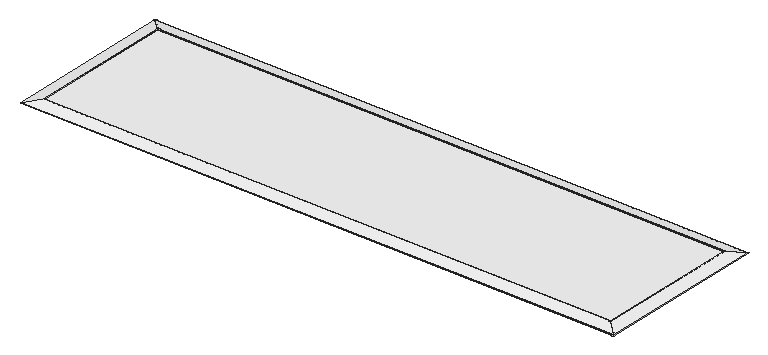
Revit family "NBS_COBAFlooring_EntMatt_ToughribContract", category Generic Models, host Face, Revit 2013
Parameters
  WarrantyStartDate = "1900-12-31T23:59:59"
  WarrantyGuarantorParts [instance] = "n/a"
  WarrantyGuarantorLabour = "n/a"
  WarrantyDurationUnit = "n/a"
  WarrantyDurationParts = "n/a"
  WarrantyDurationLabour = "n/a"
  WarrantyDescription = "n/a"
  Version = "1"  # constant formula
  Uniclass2 = "45-57-11/426"
  TrafficType = "Pedestrian, wheel chairs, pushchairs and trolleys"
  ThermalTransmittance = 0
  TagNumber [instance] = "n/a"
  SustainabilityPerformance = "n/a"
  SurfaceSpreadOfFlame = "n/a"
  SurfaceInsertWidth = "n/a"
  SurfaceInsertOptions = "n/a"
  Size = "2 x 30m roll"
  Shape = "n/a"
  SerialNumber [instance] = "n/a"
  Revision = "n/a"
  ReplacementCost = "n/a"
  Reference = "n/a"
  RampedEdging [instance] = and(MattingSurface, EdgingRequired)  # yes
  ProductInformation = "www.cobaeurope.com/entrance-matting-systems/toughrib-contract-carpet-matting/"
  Pattern = "Horizontal ribs"
  NominalWidth [instance] = EntranceMattingWidth  # 2000.00 mm
  NominalLength [instance] = EntranceMattingLength  # 500.00 mm
  NominalHeight [instance] = EntranceMattingHeight  # 7.50 mm
  Name = "EntranceMatting_COBAFlooring_ToughribContract"
  NBSTypeID = "n/a"
  NBSReference = "45-35-35/420"
  NBSOfficeMasterTag = "n/a"
  NBSNote = "n/a"
  NBSDescription = "Entrance matting"
  NBSCertification = "www.nationalbimlibrary.com/cert/op1c00jd"
  ModelReference = "Toughrib Contract"
  ModelNumber = "TRC"
  MatwellEdgingWidth [instance] = 2.50 mm
  MatwellEdging [instance] = and(MattingRecessed, EdgingRequired)  # no
  MattingHeight = "7.5 mm (+/- 10%)"
  Material = "100% polypropylene pile carpet. Primary (latex) and secondary (gel foam) backing."
  ManufacturerURL = "www.cobaeurope.com/flooring/"
  ManufacturerName = "COBA Flooring"  # constant formula
  LinkingJoints = "n/a"
  IsExternal = no
  IntegralAccessories = "n/a"
  InstallationDate [instance] = "1900-12-31T23:59:59"
  IfcExportType = "FLOORING"  # constant formula
  IfcExportAs = "IfcCoveringType"  # constant formula
  HasNonSkidSurface = yes
  HasAntiStaticSurface = no
  Grade = "n/a"
  FragilityRating = "n/a"
  FlammabilityRating = "n/a"
  FireRating = "n/a"
  Finish = "Polypropylene ribbed carpet"
  Features = "n/a"
  ExpectedLife = "5 years* If used in the correct environment for the volume and type of traffic expected over the system."
  EdgingRequired [instance] = yes
  MattingSurface [instance] = yes
  MattingRecessed [instance] = not(MattingSurface)  # no
  MattingOffsetCalc [instance] = if(and(MattingSurface, not(EdgingRequired)), EntranceMattingHeight, if(and(MattingSurface, EdgingRequired), EntranceMattingHeight + 1.20 mm, 0.00 mm))  # 8.70 mm
  FloorRecessWidth [instance] = if(and(EdgingRequired, MattingRecessed), EntranceMattingWidth + (2 * MatwellEdgingWidth), EntranceMattingWidth)  # 2000.00 mm
  FloorRecessLength [instance] = if(and(EdgingRequired, MattingRecessed), EntranceMattingLength + (2 * MatwellEdgingWidth), EntranceMattingLength)  # 500.00 mm
  FloorRecessDepth [instance] = 25.00 mm
  Manufacturer = "contact@cobaflooring.com"
  MattingRecessCalc [instance] = if(and(MattingSurface, not(EdgingRequired)), EntranceMattingHeight + 0.50 mm, if(and(MattingSurface, EdgingRequired), EntranceMattingHeight + 1.70 mm, FloorRecessDepth))  # 9.20 mm
  EntranceMattingWidth = 2000.00 mm
  EntranceMattingMaterial = NBS_COBAFlooring_Carpet_ToughribContract
  EntranceMattingLength [instance] = 500.00 mm
  EntranceMattingHeight = 7.50 mm
  EdgingMaterial = NBS_Concept
  DurationUnit = "n/a"
  Description = "Ribbed entrance matting on a roll"
  Default Elevation = 1200.00 mm
  Construction = "Closed"
  Constituents = "n/a"
  Combustible = no
  Color = "Blue, Charcoal, Grey, Brown"
  CodePerformance = "n/a"
  Category = "n/a"
  CarpetColourOptions = "Blue, Charcoal, Grey, Brown"
  BaseMaterial = "Latex"
  BaseColour = "Black"
  BarCode [instance] = "n/a"
  BIMObjectName = "NBS_COBAFlooring_EntranceMatting_ToughribContract"
  Author = "NBS"  # constant formula
  AssetType = "Fixed"
  AssetIdentifier [instance] = "n/a"
  Arrangement = "Can be used in recessed matwells or on pedestrian walkways"
  AcousticRating = "n/a"
  AccessibilityPerformance = "n/a"
Reference planes
  plane 1 "Center (Front/Back)": y = 0
  plane 2: z = 0
  plane 3 "Center (Left/Right)": x = 0
  plane 4: y = 250
  plane 5: y = -250
  plane 6: x = -1000
  plane 7: x = 1000
  plane 8 "MattingBottom": z = 1.2
  plane 9 "MattingTop": z = 8.7
  plane 10 "RecessBottom": z = -0.5
  plane 11: x = -1000
  plane 12: x = 1000
  plane 13: y = 250
  plane 14: y = -250
Forms (mm)
  Extrusion 1, solid, material "NBS_COBAFlooring_Carpet_ToughribContract" <- "EntranceMattingMaterial"
    sketch origin (-696.176, -4572, 1.2) x (-1, 0, 0) y (0, -1, 0)
      loop
        line (303.824, -4822) -> (303.824, -4322) -> (-1696.176, -4322) -> (-1696.176, -4822) -> (303.824, -4822)
    from 0 to 7.5
  Extrusion 2, void
    sketch origin (-696.176, -4572, 1.2) x (-1, 0, 0) y (0, -1, 0)
      loop
        line (303.824, -4822) -> (303.824, -4322) -> (-1696.176, -4322) -> (-1696.176, -4822) -> (303.824, -4822)
    from -1.7 to 7.5
  Sweep 3, solid, material "NBS_Concept" <- "EdgingMaterial", visible <- "RampedEdging"
    path in 3D
      loop
        line (-1000, 250, 1.2) -> (1000, 250, 1.2) -> (1000, -250, 1.2) -> (-1000, -250, 1.2) -> (-1000, 250, 1.2)
    profile origin (-1000, 0, 1.2) x (1, 0, 0) y (0, 0, -1)
      loop
        line (0, 0) -> (18, 0) -> (18, 1.2) -> (-46.34, 1.2)
        arc (-46.34, 1.2) -> (-46.997, 0.602) -> (-46.465, -0.109) r 0.661
        line (-46.465, -0.109) -> (-1.729, -8.732)
        arc (-1.729, -8.732) -> (-0.528, -8.425) -> (0, -7.304) r 1.454
        line (0, -7.304) -> (0, 0)
  Sweep 4, solid, material "NBS_Concept" <- "EdgingMaterial", visible <- "MatwellEdging"
    path in 3D
      loop
        line (-1000, 250, 1.2) -> (1000, 250, 1.2) -> (1000, -250, 1.2) -> (-1000, -250, 1.2) -> (-1000, 250, 1.2)
    profile origin (-1000, 0, 1.2) x (1, 0, 0) y (0, 0, -1)
      loop
        line (0, -7.5) -> (0, 0) -> (-2.5, 0) -> (-2.5, -7.5) -> (0, -7.5)
Lines and regions (mm)
  sketch lines
    curve 1: line (-1000, -250, 1.2) -> (-1000, 250, 1.2)
    curve 2: line (1000, -250, 1.2) -> (-1000, -250, 1.2)
    curve 3: line (-1000, 250, 1.2) -> (1000, 250, 1.2)
    curve 4: line (1000, 250, 1.2) -> (1000, -250, 1.2)
    curve 5: line (-1000, -250, 1.2) -> (-1000, 250, 1.2)
    curve 6: line (1000, -250, 1.2) -> (-1000, -250, 1.2)
    curve 7: line (-1000, 250, 1.2) -> (1000, 250, 1.2)
    curve 8: line (1000, 250, 1.2) -> (1000, -250, 1.2)
Dimensions and locks
  equal spacing: plane 4, plane 1 "Center (Front/Back)", plane 5
  "EntranceMattingLength": plane 4 to plane 5
  equal spacing: plane 6, plane 3 "Center (Left/Right)", plane 7
  "EntranceMattingWidth": plane 6 to plane 7
  "EntranceMattingHeight": plane 9 "MattingTop" to plane 8 "MattingBottom"
  "MattingOffsetCalc": plane 9 "MattingTop" to level
  "MattingRecessCalc": plane 9 "MattingTop" to plane 10 "RecessBottom"
  equal spacing: host sketch curve, plane 3 "Center (Left/Right)", host sketch curve
  "FloorRecessWidth": host sketch curve to host sketch curve
  equal spacing: host sketch curve, plane 1 "Center (Front/Back)", host sketch curve
  "FloorRecessLength": host sketch curve to host sketch curve
  locked: plane 8 "MattingBottom" to Sweep 3 sketch curve at 1.2
  equal spacing: plane 11, plane 3 "Center (Left/Right)", plane 12
  "FloorRecessWidth": plane 11 to plane 12
  equal spacing: plane 13, plane 1 "Center (Front/Back)", plane 14
  "FloorRecessLength": plane 13 to plane 14
  "MatwellEdgingWidth": Sweep 4 sketch curve to profile plane
  aligned and locked: plane 2 to host face
  aligned and locked: level to host face
  aligned and locked: plane 5 to Extrusion 1 sketch curve
  aligned and locked: Extrusion 1 sketch curve to plane 7
  aligned and locked: Extrusion 1 sketch curve to plane 4
  aligned and locked: plane 6 to Extrusion 1 sketch curve
  aligned and locked: Extrusion 1 to plane 8 "MattingBottom"
  aligned and locked: Extrusion 1 to plane 9 "MattingTop"
  aligned and locked: Extrusion 2 to plane 9 "MattingTop"
  aligned and locked: Extrusion 2 to plane 10 "RecessBottom"
  aligned and locked: plane 6 to Sweep 3 sketch curve
  aligned and locked: Sweep 3 sketch curve to plane 8 "MattingBottom"
  aligned and locked: Extrusion 2 sketch curve to plane 13
  aligned and locked: plane 11 to Extrusion 2 sketch curve
  aligned and locked: plane 14 to Extrusion 2 sketch curve
  aligned and locked: Extrusion 2 sketch curve to plane 12
  aligned and locked: Sweep 4 sketch curve to plane 8 "MattingBottom"
  aligned and locked: Sweep 4 sketch curve to plane 9 "MattingTop"
Automatic sketch dimensions
  profile plane to Sweep 4 sketch curve = 0.00 mm
  Sweep 3 sketch curve to profile plane = 0.109 mm
  profile plane to Sweep 3 sketch curve = 46.465 mm
  profile plane to Sweep 3 sketch curve = 1.729 mm
  Sweep 3 sketch curve to profile plane = 8.732 mm
  Sweep 3 sketch curve to Sweep 3 sketch curve = 0.125 mm
  Sweep 3 sketch curve to profile plane = 18.00 mm
  Sweep 3 sketch curve to Sweep 3 sketch curve = 0.275 mm
